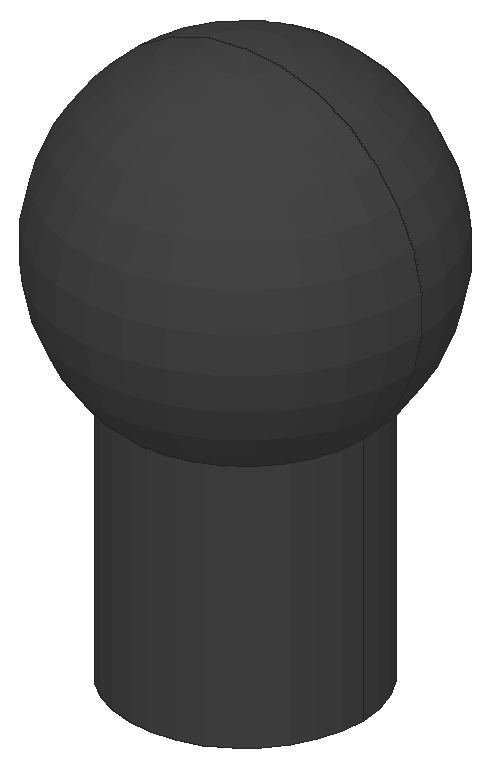
Revit family "Finca Arbol bosque", category Vegetación, Revit 2027
Family settings
  Se basa en plano de trabajo = No
  Siempre vertical = Sí
  Corte con vacíos al cargar = No
  Origen de apariencia de renderización = Geometría de familia
  Compartido = No
Parameters
  Elevación por defecto = 0 mm
  Altura = 0 mm
Reference planes
  plane 1 "Centro (Frontal/Posterior)": y = 0
  plane 2: z = 0
  plane 3 "Centro (Izquierda/Derecha)": x = 0
Forms (mm)
  Extrusion 1, solid, material "Finca - Tronco"
    sketch origin (0, 0, 0) x (1, 0, 0) y (0, 1, 0)
      loop
        circle (0, 0) r 4
    from 0 to 9
  Revolve 2, solid, material "Finca - Follaje"
    sketch origin (0, 0, 0) x (0, 0, 1) y (1, 0, 0)
      loop
        line (7, 0) -> (19, 0)
        arc (19, 0) -> (13, 6) -> (7, 0) r 6
      axis (7, 0) -> (19, 0)
    angle from 0 to 360
Dimensions and locks
  aligned and locked: level to plane 2
